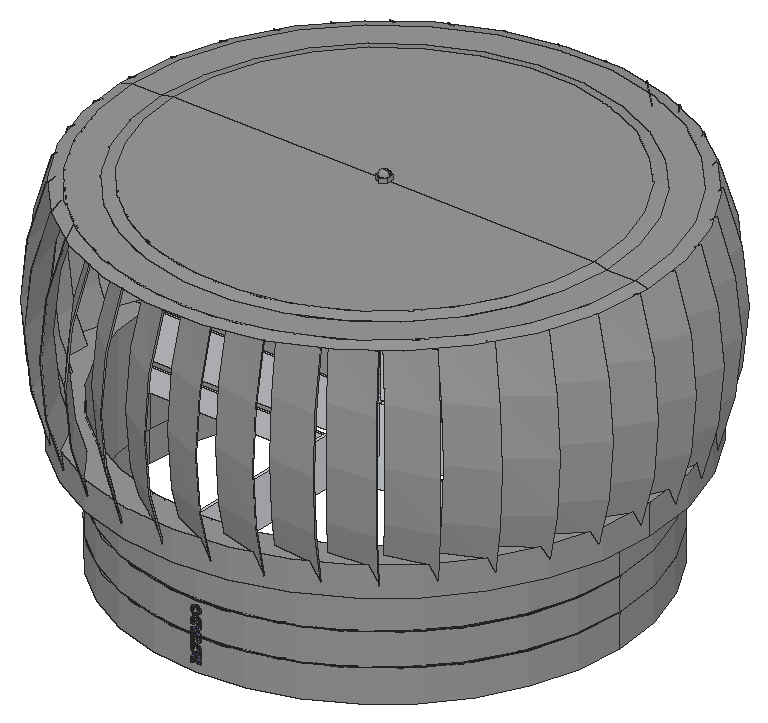
Revit family "ROTADO_РотационноДинамическийДефлектор_RDD", category Воздухораспределители, Revit 2019
Family settings
  Размер круглого соединителя = Использовать диаметр
  Тип детали = Нормальный
  На основе рабочей плоскости = Нет
  Всегда вертикально = Да
  При загрузке вырезать с полостями = Нет
  Общий = Нет
  Точка расчета площади = Нет
Parameters (values of type "RDD-800")
  Угол_Ламель [instance] = atan(((Высота_ламель * 0.5) / (D_2 / 2)) / sqrt(1 - ((Высота_ламель * 0.5) / (D_2 / 2)) * ((Высота_ламель * 0.5) / (D_2 / 2))))  # 21.7763°
  Производитель_Контакты_Телефон = "88007002460"  # constant formula
  Производитель_Контакты_Почта = "sale@rotado.ru"  # constant formula
  Описание = "Ротационно-динамический дефлектор — устройство, которое имеет небольшой двигатель и работает как от силы ветра, так и по механическому побуждению."  # constant formula
  Изготовитель = "ROTADO"  # constant formula
  Длина остатка_Ламель [instance] = (Высота_ламель * 0.5) / tan(Угол_Ламель)  # 448.068 mm
  Высота_ламель = H_1 - 25 mm - H_2 - 17 mm  # 358 mm
  Watermark [instance] = "Модели защищены уникальным кодом"
  URL = "https://rotado.ru/"
  H_2 = 190 mm
  H_1 = 590 mm
  D_2 = 965 mm
  D_1 = 802 mm
  ADSK_Этаж [instance] = ""
  ADSK_Расход воздуха [instance] = 0.0 L/s
  ADSK_Размер_Ширина = 965 mm
  ADSK_Размер_Длина = 965 mm
  ADSK_Размер_Диаметр = 800 mm
  ADSK_Размер_Высота = 590 mm
  ADSK_Примечание [instance] = ""
  ADSK_Потеря давления воздуха [instance] = 0.0 Pa
  ADSK_Полная мощность = ADSK_Номинальная мощность / ADSK_Коэффициент мощности  # 35.7895 VA
  ADSK_Позиция [instance] = ""
  ADSK_Обозначение = "RDD-800"
  ADSK_Номинальная мощность = 34 W
  ADSK_Напряжение = 220 V  # constant formula
  ADSK_Наименование краткое [instance] = "Цокольный дефлектор"
  ADSK_Наименование = "Ротационно-динамический дефлектор"  # constant formula
  ADSK_Материал = ROTADO_Сталь_Нержавеющая_Оцинкованная
  ADSK_Масса_Текст = "14"
  ADSK_Масса = 14
  ADSK_Марка = ADSK_Обозначение  # "RDD-800"
  ADSK_Коэффициент мощности = 0.95  # constant formula
  ADSK_Количество фаз = 1  # constant formula
  ADSK_Количество = 1  # constant formula
  ADSK_Классификация нагрузок = Прочее
  ADSK_Завод-изготовитель = "ROTADO"  # constant formula
  ADSK_Единица измерения = "шт."  # constant formula
  ADSK_Группирование [instance] = ""
  ADSK_Версия Revit = "2019"  # constant formula
  ADSK_URL страницы изделия = "https://rotado.ru/catalog/rotatsionno-dinamicheskiy-deflektor-rotado/rotatsionno-dinamicheskiy-deflektor-rotado/"
  ADSK_URL документации изделия = "https://rotado.ru/catalog/rotatsionno-dinamicheskiy-deflektor-rotado/rotatsionno-dinamicheskiy-deflektor-rotado/"
Reference planes
  plane 1 "По центру (Вперед/Назад)": y = 0
  plane 2: z = 0
  plane 3 "По центру (Влево/Вправо)": x = 0
  plane 4: x = -401
  plane 5: x = 401
  plane 6: y = 401
  plane 7: y = -401
  plane 8: z = 55
  plane 9: z = 190
  plane 10: z = 240
  plane 11: x = -400
  plane 12: z = 54
  plane 13: x = -399
  plane 14: z = 56
  plane 15: x = -452.5
  plane 16: z = 207
  plane 17: z = 590
  plane 18: x = -482.5
  plane 19: x = 482.5
  plane 20: y = -482.5
  plane 21: y = 482.5
  plane 22: z = 565
  plane 23: z = 570
  plane 24: z = 575
  plane 25: z = 386
  plane 26: z = 606
  plane 27: x = -448.068
  plane 28: x = -428.068
  plane 29: x = -358.068
  plane 30: x = -378.068
  plane 31: z = 582
  plane 32: x = -10.176
  plane 33: x = 10.176
  plane 34: z = 110
  plane 35: z = 109
  plane 36: z = 111
  plane 37: y = 40
  plane 38: y = -40
  plane 39: x = -461
  plane 40: z = 90
  plane 41: z = 150
  plane 42: x = -451.5
  plane 43: z = 239
  plane 44: x = -400
  plane 45: x = -398
  plane 46: x = 398
  plane 47: y = 398
  plane 48: y = -398
  plane 49: z = 160
  plane 50: z = 110
  plane 51: x = 15
  plane 52: z = 240
  plane 53: x = 5
  plane 54: x = -398
  plane 55: x = 398
Forms (mm)
  Revolve 1, solid, material "ROTADO_Сталь_Нержавеющая_Оцинкованная" <- "ADSK_Материал", detail levels medium+fine
    sketch origin (0, 0, 0) x (1, 0, 0) y (0, 0, 1)
      loop
        line (-400, 0) -> (-400, 55) -> (-401, 54) -> (-401, 0) -> (-400, 0)
      axis (0, 0) -> (0, 55)
    angle from 0 to 360
  Revolve 2, solid, material "ROTADO_Сталь_Нержавеющая_Оцинкованная" <- "ADSK_Материал", detail levels medium+fine
    sketch origin (0, 0, 0) x (1, 0, 0) y (0, 0, 1)
      loop
        line (-399, 240) -> (-452.5, 240) -> (-452.5, 190) -> (-451.5, 190) -> (-451.5, 239) -> (-401, 239) -> (-401, 190) -> (-401, 111) -> (-400, 110) -> (-401, 109) -> (-401, 56) -> (-400, 55) -> (-399, 55) -> (-399, 240)
      axis (0, 55) -> (0, 240)
    angle from 0 to 360
  Revolve 3, solid, material "ROTADO_Сталь_Нержавеющая_Оцинкованная" <- "ADSK_Материал", detail levels medium+fine
    sketch origin (0, 0, 0) x (1, 0, 0) y (0, 0, 1)
      loop
        line (0, 575) -> (-358.068, 575) -> (-378.068, 570) -> (-428.068, 570) -> (-448.068, 565) -> (0, 565) -> (0, 575)
      axis (0, 565) -> (0, 575)
    angle from 0 to 360
  Extrusion 4, solid, material "ROTADO_Сталь_Нержавеющая_Оцинкованная" <- "ADSK_Материал", detail levels medium+fine
    sketch origin (0, 0, 0) x (1, 0, 0) y (0, 1, 0)
      loop
        line (0, -11.75) -> (10.176, -5.875) -> (10.176, 5.875) -> (0, 11.75) -> (-10.176, 5.875) -> (-10.176, -5.875) -> (0, -11.75)
    from 575 to 582
  Revolve 5, solid, material "ROTADO_Сталь_Нержавеющая_Оцинкованная" <- "ADSK_Материал", detail levels medium+fine
    sketch origin (0, 0, 0) x (1, 0, 0) y (0, 0, 1)
      loop
        arc (0, 590) -> (-5.657, 587.657) -> (-8, 582) r 8
        line (-8, 582) -> (0, 582) -> (0, 590)
      axis (0, 582) -> (0, 590)
    angle from 0 to 360
  Extrusion 6, solid, material "ROTADO_Сталь_Нержавеющая_Оцинкованная" <- "ADSK_Материал", detail levels medium+fine
    sketch origin (0, 0, 0) x (1, 0, 0) y (0, 1, 0)
      loop
        line (-461, 40) -> (-461, -40) -> (-401, -40) -> (-401, 40) -> (-461, 40)
    from 90 to 150
  Extrusion 7, solid, detail levels medium+fine
    sketch origin (0, 0, 0) x (1, 0, 0) y (0, 1, 0)
      loop
        line (-398, 0) -> (-398, -2) -> (-2, -2) -> (-2, -398) -> (0, -398) -> (2, -398) -> (2, -2) -> (398, -2) -> (398, 0) -> (398, 2) -> (2, 2) -> (2, 398) -> (0, 398) -> (-2, 398) -> (-2, 2) -> (-398, 2) -> (-398, 0)
    from 160 to 240
  Revolve 8, solid, detail levels medium+fine
    sketch origin (0, 0, 0) x (1, 0, 0) y (0, 0, 1)
      loop
        line (0, 110) -> (15, 110) -> (15, 240) -> (5, 240) -> (5, 572.509) -> (0, 572.509) -> (0, 110)
      axis (0, 572.509) -> (0, 110)
    angle from 0 to 360
  Extrusion 9, solid, detail levels medium+fine
    sketch origin (0, 0, 0) x (1, 0, 0) y (0, 1, 0)
      loop
        line (-398, 2) -> (-398, -2) -> (398, -2) -> (398, 2) -> (-398, 2)
    from 110 to 150
Dimensions and locks
  equal spacing: plane 4, plane 3 "По центру (Влево/Вправо)", plane 5
  "D_1": plane 4 to plane 5
  equal spacing: plane 6, plane 1 "По центру (Вперед/Назад)", plane 7
  "D_1": plane 6 to plane 7
  "H_2": plane 9 to plane 2
  locked: plane 8 to plane 2 at 55
  locked: plane 10 to plane 9 at 50
  locked: plane 8 to plane 12 at 1
  locked: plane 11 to plane 4 at 1
  locked: plane 14 to plane 8 at 1
  locked: plane 16 to plane 9 at 17
  "H_1": plane 17 to plane 2
  equal spacing: plane 20, plane 1 "По центру (Вперед/Назад)", plane 21
  equal spacing: plane 18, plane 3 "По центру (Влево/Вправо)", plane 19
  "D_2": plane 18 to plane 19
  "D_2": plane 21 to plane 20
  locked: plane 17 to plane 22 at 25
  equal spacing: plane 22, plane 25, plane 16
  plane 26 to plane 25 = 220 mm
  "Длина остатка_Ламель": plane 3 "По центру (Влево/Вправо)" to plane 27
  locked: plane 28 to plane 27 at 20
  locked: plane 30 to plane 28 at 50
  locked: plane 29 to plane 30 at 20
  locked: plane 15 to plane 18 at 30
  locked: plane 23 to plane 22 at 5
  locked: plane 24 to plane 23 at 5
  locked: plane 31 to plane 24 at 7
  plane 32 to plane 3 "По центру (Влево/Вправо)" to plane 33 = 10.176 mm locked, 10.176 mm locked
  Extrusion 4 sketch curve to plane 1 "По центру (Вперед/Назад)" to Extrusion 4 sketch curve = 11.75 mm locked, 11.75 mm locked
  plane 34 to plane 8 = 55 mm
  locked: plane 36 to plane 34 at 1
  locked: plane 34 to plane 35 at 1
  plane 37 to plane 38 = 80 mm
  equal spacing: plane 37, plane 1 "По центру (Вперед/Назад)", plane 38
  locked: plane 39 to plane 4 at 60
  locked: plane 34 to plane 40 at 20
  plane 41 to plane 34 = 40 mm
  plane 42 to plane 15 = 1 mm
  locked: plane 10 to plane 43 at 1
  locked: plane 13 to plane 4 at 2
  locked: plane 13 to plane 44 at 1
  locked: plane 46 to plane 5 at 3
  locked: plane 4 to plane 45 at 3
  locked: plane 6 to plane 47 at 3
  locked: plane 48 to plane 7 at 3
  locked: plane 10 to plane 49 at 80
  Extrusion 7 sketch curve to plane 3 "По центру (Влево/Вправо)" to Extrusion 7 sketch curve = 2 mm, 2 mm  (x2)
  Extrusion 7 sketch curve to plane 1 "По центру (Вперед/Назад)" to Extrusion 7 sketch curve = 2 mm, 2 mm  (x2)
  plane 52 to plane 50 = 130 mm
  locked: plane 53 to plane 3 "По центру (Влево/Вправо)" at 5
  locked: plane 51 to plane 3 "По центру (Влево/Вправо)" at 15
  locked: plane 4 to plane 54 at 3
  locked: plane 55 to plane 5 at 3
  locked: Extrusion 4 sketch curve to Extrusion 4 sketch curve (angle 120.00°)  (x5)
  aligned and locked: level to plane 2
  aligned and locked: plane 3 "По центру (Влево/Вправо)" to Revolve 1 sketch curve
  aligned and locked: plane 4 to Revolve 1 sketch curve  (x2)
  aligned and locked: plane 12 to Revolve 1 sketch curve
  aligned and locked: Revolve 2 sketch curve to plane 15
  aligned and locked: Revolve 2 sketch curve to plane 9
  aligned and locked: Revolve 2 sketch curve to plane 4
  aligned and locked: plane 14 to Revolve 2 sketch curve
  aligned and locked: plane 4 to Revolve 2 sketch curve  (x4)
  aligned and locked: plane 3 "По центру (Влево/Вправо)" to Revolve 2 sketch curve
  aligned and locked: plane 3 "По центру (Влево/Вправо)" to nested 1
  aligned and locked: plane 1 "По центру (Вперед/Назад)" to nested 1
  aligned and locked: nested 1 to plane 25
  aligned and locked: plane 3 "По центру (Влево/Вправо)" to Revolve 3 sketch curve
  aligned and locked: Revolve 3 sketch curve to plane 22
  aligned and locked: nested 1 to Revolve 3 sketch curve
  aligned and locked: plane 24 to Revolve 3 sketch curve  (x2)
  aligned and locked: plane 27 to Revolve 3 sketch curve
  aligned and locked: plane 28 to Revolve 3 sketch curve
  aligned and locked: plane 29 to Revolve 3 sketch curve
  aligned and locked: plane 23 to Revolve 3 sketch curve  (x2)
  aligned and locked: plane 30 to Revolve 3 sketch curve
  aligned and locked: Extrusion 4 to plane 24
  aligned and locked: plane 31 to Extrusion 4
  aligned and locked: plane 3 "По центру (Влево/Вправо)" to Revolve 5 sketch curve
  aligned and locked: plane 31 to Revolve 5 sketch curve  (x2)
  aligned and locked: Revolve 5 sketch curve to plane 3 "По центру (Влево/Вправо)"
  aligned and locked: plane 17 to Revolve 5 sketch curve
  aligned and locked: plane 33 to Extrusion 4 sketch curve
  aligned and locked: Extrusion 4 sketch curve to plane 32
  aligned and locked: plane 34 to Revolve 2 sketch curve
  aligned and locked: plane 36 to Revolve 2 sketch curve
  aligned and locked: plane 35 to Revolve 2 sketch curve
  aligned and locked: Extrusion 6 sketch curve to plane 37
  aligned and locked: plane 39 to Extrusion 6 sketch curve
  aligned and locked: plane 38 to Extrusion 6 sketch curve
  aligned and locked: Extrusion 6 sketch curve to plane 4
  aligned and locked: plane 41 to Extrusion 6
  aligned and locked: Extrusion 6 to plane 40
  aligned and locked: plane 8 to Revolve 1 sketch curve
  aligned and locked: plane 2 to Revolve 1 sketch curve
  aligned and locked: plane 11 to Revolve 1 sketch curve
  aligned and locked: plane 42 to Revolve 2 sketch curve  (x2)
  aligned and locked: Revolve 2 sketch curve to plane 43
  aligned and locked: plane 10 to Revolve 2 sketch curve
  aligned and locked: plane 13 to Revolve 2 sketch curve
  aligned and locked: plane 8 to Revolve 2 sketch curve
  aligned and locked: plane 44 to Revolve 2 sketch curve
  aligned and locked: Revolve 2 sketch curve to plane 8
  aligned and locked: Extrusion 7 sketch curve to plane 45
  aligned and locked: plane 46 to Extrusion 7 sketch curve
  aligned and locked: Extrusion 7 sketch curve to plane 47
  aligned and locked: plane 48 to Extrusion 7 sketch curve
  aligned and locked: Extrusion 7 to plane 10
  aligned and locked: plane 49 to Extrusion 7
  aligned and locked: plane 34 to plane 50
  aligned and locked: Revolve 8 sketch curve to plane 50
  aligned and locked: Revolve 8 sketch curve to nested 1
  aligned and locked: Revolve 8 sketch curve to plane 51
  aligned and locked: Revolve 8 sketch curve to plane 52
  aligned and locked: Revolve 8 sketch curve to plane 53
  aligned and locked: Revolve 8 sketch curve to plane 3 "По центру (Влево/Вправо)"
  aligned and locked: plane 52 to plane 10
  aligned and locked: Extrusion 9 sketch curve to plane 55
  aligned and locked: Extrusion 9 to Extrusion 6
  aligned and locked: Extrusion 9 to plane 34
  aligned and locked: nested 2 to plane 8
Automatic sketch dimensions
  plane 23 to Revolve 3 sketch curve = 5 mm
  plane 17 to Revolve 3 sketch curve = 35 mm
  Extrusion 4 sketch curve to plane 3 "По центру (Влево/Вправо)" = 0 mm  (x2)
  Revolve 1 sketch curve to level = 235 mm
  Revolve 1 sketch curve to plane 25 = 21 mm
  Revolve 2 sketch curve to plane 9 = 0 mm
  Revolve 2 sketch curve to level = 95 mm
  Revolve 2 sketch curve to plane 25 = 21 mm
  Revolve 5 sketch curve to plane 24 = 1.297 mm
  Revolve 5 sketch curve to Revolve 5 sketch curve = 8.703 mm
  Extrusion 7 sketch curve to plane 3 "По центру (Влево/Вправо)" = 0 mm  (x2)
  plane 1 "По центру (Вперед/Назад)" to Extrusion 7 sketch curve = 0 mm  (x2)
  Revolve 8 sketch curve to plane 24 = 2.491 mm
  Revolve 8 sketch curve to level = 366.045 mm
  plane 17 to Revolve 8 sketch curve = 1724.315 mm
  Extrusion 9 sketch curve to plane 54 = 0 mm
  plane 1 "По центру (Вперед/Назад)" to Extrusion 9 sketch curve = 2 mm
  Extrusion 9 sketch curve to plane 1 "По центру (Вперед/Назад)" = 2 mm
Nested families
  nested 1: "ROTADO_NOSHD_Ламель_Массив" at (0, 0, 386), Диаметр_Ламель <- "D_2", Высота_Ламель <- "Высота_ламель", Материал_Ламель <- "ADSK_Материал", type "ROTADO_NOSHD_Ламель_Массив", detail levels medium+fine
    with Ширина_Ламель 60 mm, Шаг_Ламель 10 mm, Материал_Ламель ROTADO_Сталь_Нержавеющая_Оцинкованная, Количество_Ламель 72, Диаметр_Ламель 965 mm, Высота_Ламель 358 mm
  nested 2: "RORADO_Logo_MIN" at (0, -400.997, -62.186) x (0, 0, 1) z (0, -1, 0), type "RORADO_Logo_MIN", detail levels medium+fine
Connectors
  hvac at (0, 0, 0), driven by "ADSK_Размер_Диаметр", driven by "ADSK_Потеря давления воздуха", driven by "ADSK_Расход воздуха"
    settings: on Revolve 1, index 1, duct flow 0.0 L/s, flow factor 0, pres drop 0.0 Pa, loss coef 0, conn angle 0.00°, conn width 304.8 mm, conn height 304.8 mm, conn diameter 800 mm, duct sys type 3, conn prof type 0, flow config 0, flow direction 1, loss method 4, conn ref index -1, conn util no, is conn primary yes, conn desc ""
  electrical at (0, 0, 0), driven by "ADSK_Количество фаз", driven by "ADSK_Классификация нагрузок", driven by "ADSK_Напряжение", driven by "ADSK_Полная мощность", driven by "ADSK_Коэффициент мощности"
    settings: index 2, voltage 220 V, apparent load 0 VA, apparent load phase1 35.7895 VA, apparent load phase2 0 VA, apparent load phase3 0 VA, power factor 0.95, load classification "Прочее", number of poles 1, system type 31, power factor state 1, is connector primary yes, connector utility no, sub classification motor no, connector description ""
Definition of nested family "ROTADO_NOSHD_Ламель_Массив"
  Parameters (values of type "ROTADO_NOSHD_Ламель_Массив")
    Ширина_Ламель [instance] = 60 mm  # constant formula
    Шаг_Ламель [instance] = 10 mm  # constant formula
    Description = ""
    Материал_Ламель [instance] = none
    Количество_Ламель [instance] = 72  # constant formula
    Manufacturer = ""
    Диаметр_Ламель [instance] = 440 mm
    Высота_Ламель [instance] = 228 mm
  Reference planes
    plane 1 "По центру (Вперед/Назад)": y = 0
    plane 2: z = 0
    plane 3 "По центру (Влево/Вправо)": x = 0
  Dimensions and locks
    aligned and locked: level to plane 2
  Nested families
    nested 1: "ROTADO_NOSHD_Ламель" at (0, 0, 0) x (0.9578, -0.2873, 0) z (0, 0, 1), Ламель_Высота_H <- "Высота_Ламель", Ламель_ВнешняяГраница_D1 <- "Диаметр_Ламель", Материал_Ламель <- "Материал_Ламель", type "ROTADO_NOSHD_Ламель"
      with Материал_Ламель none, Ламель_Ширина 70 mm, Ламель_Высота_НижеОси_h2 114 mm, Ламель_Высота_ВышеОси_h1 114 mm, Ламель_Высота_H 228 mm, Ламель_ВнутренняяГраница_d1 370 mm, Ламель_ВнешняяГраница_D1 440 mm, d2 368 mm, D2 438 mm
    nested 2: "ROTADO_NOSHD_Ламель" at (0, 0, 0) x (0.9932, -0.1167, 0) z (0, 0, 1), Ламель_Высота_H <- "Высота_Ламель", Ламель_ВнешняяГраница_D1 <- "Диаметр_Ламель", Материал_Ламель <- "Материал_Ламель", type "ROTADO_NOSHD_Ламель"
      with Материал_Ламель none, Ламель_Ширина 70 mm, Ламель_Высота_НижеОси_h2 114 mm, Ламель_Высота_ВышеОси_h1 114 mm, Ламель_Высота_H 228 mm, Ламель_ВнутренняяГраница_d1 370 mm, Ламель_ВнешняяГраница_D1 440 mm, d2 368 mm, D2 438 mm
    nested 3: "ROTADO_NOSHD_Ламель" at (0, 0, 0) x (0.9983, 0.0576, 0) z (0, 0, 1), Ламель_Высота_H <- "Высота_Ламель", Ламель_ВнешняяГраница_D1 <- "Диаметр_Ламель", Материал_Ламель <- "Материал_Ламель", type "ROTADO_NOSHD_Ламель"
      with Материал_Ламель none, Ламель_Ширина 70 mm, Ламель_Высота_НижеОси_h2 114 mm, Ламель_Высота_ВышеОси_h1 114 mm, Ламель_Высота_H 228 mm, Ламель_ВнутренняяГраница_d1 370 mm, Ламель_ВнешняяГраница_D1 440 mm, d2 368 mm, D2 438 mm
    nested 4: "ROTADO_NOSHD_Ламель" at (0, 0, 0) x (0.9732, 0.2301, 0) z (0, 0, 1), Ламель_Высота_H <- "Высота_Ламель", Ламель_ВнешняяГраница_D1 <- "Диаметр_Ламель", Материал_Ламель <- "Материал_Ламель", type "ROTADO_NOSHD_Ламель"
      with Материал_Ламель none, Ламель_Ширина 70 mm, Ламель_Высота_НижеОси_h2 114 mm, Ламель_Высота_ВышеОси_h1 114 mm, Ламель_Высота_H 228 mm, Ламель_ВнутренняяГраница_d1 370 mm, Ламель_ВнешняяГраница_D1 440 mm, d2 368 mm, D2 438 mm
    nested 5: "ROTADO_NOSHD_Ламель" at (0, 0, 0) x (0.9184, 0.3956, 0) z (0, 0, 1), Ламель_Высота_H <- "Высота_Ламель", Ламель_ВнешняяГраница_D1 <- "Диаметр_Ламель", Материал_Ламель <- "Материал_Ламель", type "ROTADO_NOSHD_Ламель"
      with Материал_Ламель none, Ламель_Ширина 70 mm, Ламель_Высота_НижеОси_h2 114 mm, Ламель_Высота_ВышеОси_h1 114 mm, Ламель_Высота_H 228 mm, Ламель_ВнутренняяГраница_d1 370 mm, Ламель_ВнешняяГраница_D1 440 mm, d2 368 mm, D2 438 mm
    nested 6: "ROTADO_NOSHD_Ламель" at (0, 0, 0) x (0.8358, 0.549, 0) z (0, 0, 1), Ламель_Высота_H <- "Высота_Ламель", Ламель_ВнешняяГраница_D1 <- "Диаметр_Ламель", Материал_Ламель <- "Материал_Ламель", type "ROTADO_NOSHD_Ламель"
      with Материал_Ламель none, Ламель_Ширина 70 mm, Ламель_Высота_НижеОси_h2 114 mm, Ламель_Высота_ВышеОси_h1 114 mm, Ламель_Высота_H 228 mm, Ламель_ВнутренняяГраница_d1 370 mm, Ламель_ВнешняяГраница_D1 440 mm, d2 368 mm, D2 438 mm
    nested 7: "ROTADO_NOSHD_Ламель" at (0, 0, 0) x (0.7278, 0.6858, 0) z (0, 0, 1), Ламель_Высота_H <- "Высота_Ламель", Ламель_ВнешняяГраница_D1 <- "Диаметр_Ламель", Материал_Ламель <- "Материал_Ламель", type "ROTADO_NOSHD_Ламель"
      with Материал_Ламель none, Ламель_Ширина 70 mm, Ламель_Высота_НижеОси_h2 114 mm, Ламель_Высота_ВышеОси_h1 114 mm, Ламель_Высота_H 228 mm, Ламель_ВнутренняяГраница_d1 370 mm, Ламель_ВнешняяГраница_D1 440 mm, d2 368 mm, D2 438 mm
    nested 8: "ROTADO_NOSHD_Ламель" at (0, 0, 0) x (0.5976, 0.8018, 0) z (0, 0, 1), Ламель_Высота_H <- "Высота_Ламель", Ламель_ВнешняяГраница_D1 <- "Диаметр_Ламель", Материал_Ламель <- "Материал_Ламель", type "ROTADO_NOSHD_Ламель"
      with Материал_Ламель none, Ламель_Ширина 70 mm, Ламель_Высота_НижеОси_h2 114 mm, Ламель_Высота_ВышеОси_h1 114 mm, Ламель_Высота_H 228 mm, Ламель_ВнутренняяГраница_d1 370 mm, Ламель_ВнешняяГраница_D1 440 mm, d2 368 mm, D2 438 mm
    nested 9: "ROTADO_NOSHD_Ламель" at (0, 0, 0) x (0.4493, 0.8934, 0) z (0, 0, 1), Ламель_Высота_H <- "Высота_Ламель", Ламель_ВнешняяГраница_D1 <- "Диаметр_Ламель", Материал_Ламель <- "Материал_Ламель", type "ROTADO_NOSHD_Ламель"
      with Материал_Ламель none, Ламель_Ширина 70 mm, Ламель_Высота_НижеОси_h2 114 mm, Ламель_Высота_ВышеОси_h1 114 mm, Ламель_Высота_H 228 mm, Ламель_ВнутренняяГраница_d1 370 mm, Ламель_ВнешняяГраница_D1 440 mm, d2 368 mm, D2 438 mm
    nested 10: "ROTADO_NOSHD_Ламель" at (0, 0, 0) x (0.2873, 0.9578, 0) z (0, 0, 1), Ламель_Высота_H <- "Высота_Ламель", Ламель_ВнешняяГраница_D1 <- "Диаметр_Ламель", Материал_Ламель <- "Материал_Ламель", type "ROTADO_NOSHD_Ламель"
      with Материал_Ламель none, Ламель_Ширина 70 mm, Ламель_Высота_НижеОси_h2 114 mm, Ламель_Высота_ВышеОси_h1 114 mm, Ламель_Высота_H 228 mm, Ламель_ВнутренняяГраница_d1 370 mm, Ламель_ВнешняяГраница_D1 440 mm, d2 368 mm, D2 438 mm
    nested 11: "ROTADO_NOSHD_Ламель" at (0, 0, 0) x (0.1167, 0.9932, 0) z (0, 0, 1), Ламель_Высота_H <- "Высота_Ламель", Ламель_ВнешняяГраница_D1 <- "Диаметр_Ламель", Материал_Ламель <- "Материал_Ламель", type "ROTADO_NOSHD_Ламель"
      with Материал_Ламель none, Ламель_Ширина 70 mm, Ламель_Высота_НижеОси_h2 114 mm, Ламель_Высота_ВышеОси_h1 114 mm, Ламель_Высота_H 228 mm, Ламель_ВнутренняяГраница_d1 370 mm, Ламель_ВнешняяГраница_D1 440 mm, d2 368 mm, D2 438 mm
    nested 12: "ROTADO_NOSHD_Ламель" at (0, 0, 0) x (-0.0576, 0.9983, 0) z (0, 0, 1), Ламель_Высота_H <- "Высота_Ламель", Ламель_ВнешняяГраница_D1 <- "Диаметр_Ламель", Материал_Ламель <- "Материал_Ламель", type "ROTADO_NOSHD_Ламель"
      with Материал_Ламель none, Ламель_Ширина 70 mm, Ламель_Высота_НижеОси_h2 114 mm, Ламель_Высота_ВышеОси_h1 114 mm, Ламель_Высота_H 228 mm, Ламель_ВнутренняяГраница_d1 370 mm, Ламель_ВнешняяГраница_D1 440 mm, d2 368 mm, D2 438 mm
    nested 13: "ROTADO_NOSHD_Ламель" at (0, 0, 0) x (-0.2301, 0.9732, 0) z (0, 0, 1), Ламель_Высота_H <- "Высота_Ламель", Ламель_ВнешняяГраница_D1 <- "Диаметр_Ламель", Материал_Ламель <- "Материал_Ламель", type "ROTADO_NOSHD_Ламель"
      with Материал_Ламель none, Ламель_Ширина 70 mm, Ламель_Высота_НижеОси_h2 114 mm, Ламель_Высота_ВышеОси_h1 114 mm, Ламель_Высота_H 228 mm, Ламель_ВнутренняяГраница_d1 370 mm, Ламель_ВнешняяГраница_D1 440 mm, d2 368 mm, D2 438 mm
    nested 14: "ROTADO_NOSHD_Ламель" at (0, 0, 0) x (-0.3956, 0.9184, 0) z (0, 0, 1), Ламель_Высота_H <- "Высота_Ламель", Ламель_ВнешняяГраница_D1 <- "Диаметр_Ламель", Материал_Ламель <- "Материал_Ламель", type "ROTADO_NOSHD_Ламель"
      with Материал_Ламель none, Ламель_Ширина 70 mm, Ламель_Высота_НижеОси_h2 114 mm, Ламель_Высота_ВышеОси_h1 114 mm, Ламель_Высота_H 228 mm, Ламель_ВнутренняяГраница_d1 370 mm, Ламель_ВнешняяГраница_D1 440 mm, d2 368 mm, D2 438 mm
    nested 15: "ROTADO_NOSHD_Ламель" at (0, 0, 0) x (-0.549, 0.8358, 0) z (0, 0, 1), Ламель_Высота_H <- "Высота_Ламель", Ламель_ВнешняяГраница_D1 <- "Диаметр_Ламель", Материал_Ламель <- "Материал_Ламель", type "ROTADO_NOSHD_Ламель"
      with Материал_Ламель none, Ламель_Ширина 70 mm, Ламель_Высота_НижеОси_h2 114 mm, Ламель_Высота_ВышеОси_h1 114 mm, Ламель_Высота_H 228 mm, Ламель_ВнутренняяГраница_d1 370 mm, Ламель_ВнешняяГраница_D1 440 mm, d2 368 mm, D2 438 mm
    nested 16: "ROTADO_NOSHD_Ламель" at (0, 0, 0) x (-0.6858, 0.7278, 0) z (0, 0, 1), Ламель_Высота_H <- "Высота_Ламель", Ламель_ВнешняяГраница_D1 <- "Диаметр_Ламель", Материал_Ламель <- "Материал_Ламель", type "ROTADO_NOSHD_Ламель"
      with Материал_Ламель none, Ламель_Ширина 70 mm, Ламель_Высота_НижеОси_h2 114 mm, Ламель_Высота_ВышеОси_h1 114 mm, Ламель_Высота_H 228 mm, Ламель_ВнутренняяГраница_d1 370 mm, Ламель_ВнешняяГраница_D1 440 mm, d2 368 mm, D2 438 mm
    nested 17: "ROTADO_NOSHD_Ламель" at (0, 0, 0) x (-0.8018, 0.5976, 0) z (0, 0, 1), Ламель_Высота_H <- "Высота_Ламель", Ламель_ВнешняяГраница_D1 <- "Диаметр_Ламель", Материал_Ламель <- "Материал_Ламель", type "ROTADO_NOSHD_Ламель"
      with Материал_Ламель none, Ламель_Ширина 70 mm, Ламель_Высота_НижеОси_h2 114 mm, Ламель_Высота_ВышеОси_h1 114 mm, Ламель_Высота_H 228 mm, Ламель_ВнутренняяГраница_d1 370 mm, Ламель_ВнешняяГраница_D1 440 mm, d2 368 mm, D2 438 mm
    nested 18: "ROTADO_NOSHD_Ламель" at (0, 0, 0) x (-0.8934, 0.4493, 0) z (0, 0, 1), Ламель_Высота_H <- "Высота_Ламель", Ламель_ВнешняяГраница_D1 <- "Диаметр_Ламель", Материал_Ламель <- "Материал_Ламель", type "ROTADO_NOSHD_Ламель"
      with Материал_Ламель none, Ламель_Ширина 70 mm, Ламель_Высота_НижеОси_h2 114 mm, Ламель_Высота_ВышеОси_h1 114 mm, Ламель_Высота_H 228 mm, Ламель_ВнутренняяГраница_d1 370 mm, Ламель_ВнешняяГраница_D1 440 mm, d2 368 mm, D2 438 mm
    nested 19: "ROTADO_NOSHD_Ламель" at (0, 0, 0) x (-0.9578, 0.2873, 0) z (0, 0, 1), Ламель_Высота_H <- "Высота_Ламель", Ламель_ВнешняяГраница_D1 <- "Диаметр_Ламель", Материал_Ламель <- "Материал_Ламель", type "ROTADO_NOSHD_Ламель"
      with Материал_Ламель none, Ламель_Ширина 70 mm, Ламель_Высота_НижеОси_h2 114 mm, Ламель_Высота_ВышеОси_h1 114 mm, Ламель_Высота_H 228 mm, Ламель_ВнутренняяГраница_d1 370 mm, Ламель_ВнешняяГраница_D1 440 mm, d2 368 mm, D2 438 mm
    nested 20: "ROTADO_NOSHD_Ламель" at (0, 0, 0) x (-0.9932, 0.1167, 0) z (0, 0, 1), Ламель_Высота_H <- "Высота_Ламель", Ламель_ВнешняяГраница_D1 <- "Диаметр_Ламель", Материал_Ламель <- "Материал_Ламель", type "ROTADO_NOSHD_Ламель"
      with Материал_Ламель none, Ламель_Ширина 70 mm, Ламель_Высота_НижеОси_h2 114 mm, Ламель_Высота_ВышеОси_h1 114 mm, Ламель_Высота_H 228 mm, Ламель_ВнутренняяГраница_d1 370 mm, Ламель_ВнешняяГраница_D1 440 mm, d2 368 mm, D2 438 mm
    nested 21: "ROTADO_NOSHD_Ламель" at (0, 0, 0) x (-0.9983, -0.0576, 0) z (0, 0, 1), Ламель_Высота_H <- "Высота_Ламель", Ламель_ВнешняяГраница_D1 <- "Диаметр_Ламель", Материал_Ламель <- "Материал_Ламель", type "ROTADO_NOSHD_Ламель"
      with Материал_Ламель none, Ламель_Ширина 70 mm, Ламель_Высота_НижеОси_h2 114 mm, Ламель_Высота_ВышеОси_h1 114 mm, Ламель_Высота_H 228 mm, Ламель_ВнутренняяГраница_d1 370 mm, Ламель_ВнешняяГраница_D1 440 mm, d2 368 mm, D2 438 mm
    nested 22: "ROTADO_NOSHD_Ламель" at (0, 0, 0) x (-0.9732, -0.2301, 0) z (0, 0, 1), Ламель_Высота_H <- "Высота_Ламель", Ламель_ВнешняяГраница_D1 <- "Диаметр_Ламель", Материал_Ламель <- "Материал_Ламель", type "ROTADO_NOSHD_Ламель"
      with Материал_Ламель none, Ламель_Ширина 70 mm, Ламель_Высота_НижеОси_h2 114 mm, Ламель_Высота_ВышеОси_h1 114 mm, Ламель_Высота_H 228 mm, Ламель_ВнутренняяГраница_d1 370 mm, Ламель_ВнешняяГраница_D1 440 mm, d2 368 mm, D2 438 mm
    nested 23: "ROTADO_NOSHD_Ламель" at (0, 0, 0) x (-0.9184, -0.3956, 0) z (0, 0, 1), Ламель_Высота_H <- "Высота_Ламель", Ламель_ВнешняяГраница_D1 <- "Диаметр_Ламель", Материал_Ламель <- "Материал_Ламель", type "ROTADO_NOSHD_Ламель"
      with Материал_Ламель none, Ламель_Ширина 70 mm, Ламель_Высота_НижеОси_h2 114 mm, Ламель_Высота_ВышеОси_h1 114 mm, Ламель_Высота_H 228 mm, Ламель_ВнутренняяГраница_d1 370 mm, Ламель_ВнешняяГраница_D1 440 mm, d2 368 mm, D2 438 mm
    nested 24: "ROTADO_NOSHD_Ламель" at (0, 0, 0) x (-0.8358, -0.549, 0) z (0, 0, 1), Ламель_Высота_H <- "Высота_Ламель", Ламель_ВнешняяГраница_D1 <- "Диаметр_Ламель", Материал_Ламель <- "Материал_Ламель", type "ROTADO_NOSHD_Ламель"
      with Материал_Ламель none, Ламель_Ширина 70 mm, Ламель_Высота_НижеОси_h2 114 mm, Ламель_Высота_ВышеОси_h1 114 mm, Ламель_Высота_H 228 mm, Ламель_ВнутренняяГраница_d1 370 mm, Ламель_ВнешняяГраница_D1 440 mm, d2 368 mm, D2 438 mm
    nested 25: "ROTADO_NOSHD_Ламель" at (0, 0, 0) x (-0.7278, -0.6858, 0) z (0, 0, 1), Ламель_Высота_H <- "Высота_Ламель", Ламель_ВнешняяГраница_D1 <- "Диаметр_Ламель", Материал_Ламель <- "Материал_Ламель", type "ROTADO_NOSHD_Ламель"
      with Материал_Ламель none, Ламель_Ширина 70 mm, Ламель_Высота_НижеОси_h2 114 mm, Ламель_Высота_ВышеОси_h1 114 mm, Ламель_Высота_H 228 mm, Ламель_ВнутренняяГраница_d1 370 mm, Ламель_ВнешняяГраница_D1 440 mm, d2 368 mm, D2 438 mm
    nested 26: "ROTADO_NOSHD_Ламель" at (0, 0, 0) x (-0.5976, -0.8018, 0) z (0, 0, 1), Ламель_Высота_H <- "Высота_Ламель", Ламель_ВнешняяГраница_D1 <- "Диаметр_Ламель", Материал_Ламель <- "Материал_Ламель", type "ROTADO_NOSHD_Ламель"
      with Материал_Ламель none, Ламель_Ширина 70 mm, Ламель_Высота_НижеОси_h2 114 mm, Ламель_Высота_ВышеОси_h1 114 mm, Ламель_Высота_H 228 mm, Ламель_ВнутренняяГраница_d1 370 mm, Ламель_ВнешняяГраница_D1 440 mm, d2 368 mm, D2 438 mm
    nested 27: "ROTADO_NOSHD_Ламель" at (0, 0, 0) x (-0.4493, -0.8934, 0) z (0, 0, 1), Ламель_Высота_H <- "Высота_Ламель", Ламель_ВнешняяГраница_D1 <- "Диаметр_Ламель", Материал_Ламель <- "Материал_Ламель", type "ROTADO_NOSHD_Ламель"
      with Материал_Ламель none, Ламель_Ширина 70 mm, Ламель_Высота_НижеОси_h2 114 mm, Ламель_Высота_ВышеОси_h1 114 mm, Ламель_Высота_H 228 mm, Ламель_ВнутренняяГраница_d1 370 mm, Ламель_ВнешняяГраница_D1 440 mm, d2 368 mm, D2 438 mm
    nested 28: "ROTADO_NOSHD_Ламель" at (0, 0, 0) x (-0.2873, -0.9578, 0) z (0, 0, 1), Ламель_Высота_H <- "Высота_Ламель", Ламель_ВнешняяГраница_D1 <- "Диаметр_Ламель", Материал_Ламель <- "Материал_Ламель", type "ROTADO_NOSHD_Ламель"
      with Материал_Ламель none, Ламель_Ширина 70 mm, Ламель_Высота_НижеОси_h2 114 mm, Ламель_Высота_ВышеОси_h1 114 mm, Ламель_Высота_H 228 mm, Ламель_ВнутренняяГраница_d1 370 mm, Ламель_ВнешняяГраница_D1 440 mm, d2 368 mm, D2 438 mm
    nested 29: "ROTADO_NOSHD_Ламель" at (0, 0, 0) x (-0.1167, -0.9932, 0) z (0, 0, 1), Ламель_Высота_H <- "Высота_Ламель", Ламель_ВнешняяГраница_D1 <- "Диаметр_Ламель", Материал_Ламель <- "Материал_Ламель", type "ROTADO_NOSHD_Ламель"
      with Материал_Ламель none, Ламель_Ширина 70 mm, Ламель_Высота_НижеОси_h2 114 mm, Ламель_Высота_ВышеОси_h1 114 mm, Ламель_Высота_H 228 mm, Ламель_ВнутренняяГраница_d1 370 mm, Ламель_ВнешняяГраница_D1 440 mm, d2 368 mm, D2 438 mm
    nested 30: "ROTADO_NOSHD_Ламель" at (0, 0, 0) x (0.0576, -0.9983, 0) z (0, 0, 1), Ламель_Высота_H <- "Высота_Ламель", Ламель_ВнешняяГраница_D1 <- "Диаметр_Ламель", Материал_Ламель <- "Материал_Ламель", type "ROTADO_NOSHD_Ламель"
      with Материал_Ламель none, Ламель_Ширина 70 mm, Ламель_Высота_НижеОси_h2 114 mm, Ламель_Высота_ВышеОси_h1 114 mm, Ламель_Высота_H 228 mm, Ламель_ВнутренняяГраница_d1 370 mm, Ламель_ВнешняяГраница_D1 440 mm, d2 368 mm, D2 438 mm
    nested 31: "ROTADO_NOSHD_Ламель" at (0, 0, 0) x (0.2301, -0.9732, 0) z (0, 0, 1), Ламель_Высота_H <- "Высота_Ламель", Ламель_ВнешняяГраница_D1 <- "Диаметр_Ламель", Материал_Ламель <- "Материал_Ламель", type "ROTADO_NOSHD_Ламель"
      with Материал_Ламель none, Ламель_Ширина 70 mm, Ламель_Высота_НижеОси_h2 114 mm, Ламель_Высота_ВышеОси_h1 114 mm, Ламель_Высота_H 228 mm, Ламель_ВнутренняяГраница_d1 370 mm, Ламель_ВнешняяГраница_D1 440 mm, d2 368 mm, D2 438 mm
    nested 32: "ROTADO_NOSHD_Ламель" at (0, 0, 0) x (0.3956, -0.9184, 0) z (0, 0, 1), Ламель_Высота_H <- "Высота_Ламель", Ламель_ВнешняяГраница_D1 <- "Диаметр_Ламель", Материал_Ламель <- "Материал_Ламель", type "ROTADO_NOSHD_Ламель"
      with Материал_Ламель none, Ламель_Ширина 70 mm, Ламель_Высота_НижеОси_h2 114 mm, Ламель_Высота_ВышеОси_h1 114 mm, Ламель_Высота_H 228 mm, Ламель_ВнутренняяГраница_d1 370 mm, Ламель_ВнешняяГраница_D1 440 mm, d2 368 mm, D2 438 mm
    nested 33: "ROTADO_NOSHD_Ламель" at (0, 0, 0) x (0.549, -0.8358, 0) z (0, 0, 1), Ламель_Высота_H <- "Высота_Ламель", Ламель_ВнешняяГраница_D1 <- "Диаметр_Ламель", Материал_Ламель <- "Материал_Ламель", type "ROTADO_NOSHD_Ламель"
      with Материал_Ламель none, Ламель_Ширина 70 mm, Ламель_Высота_НижеОси_h2 114 mm, Ламель_Высота_ВышеОси_h1 114 mm, Ламель_Высота_H 228 mm, Ламель_ВнутренняяГраница_d1 370 mm, Ламель_ВнешняяГраница_D1 440 mm, d2 368 mm, D2 438 mm
    nested 34: "ROTADO_NOSHD_Ламель" at (0, 0, 0) x (0.6858, -0.7278, 0) z (0, 0, 1), Ламель_Высота_H <- "Высота_Ламель", Ламель_ВнешняяГраница_D1 <- "Диаметр_Ламель", Материал_Ламель <- "Материал_Ламель", type "ROTADO_NOSHD_Ламель"
      with Материал_Ламель none, Ламель_Ширина 70 mm, Ламель_Высота_НижеОси_h2 114 mm, Ламель_Высота_ВышеОси_h1 114 mm, Ламель_Высота_H 228 mm, Ламель_ВнутренняяГраница_d1 370 mm, Ламель_ВнешняяГраница_D1 440 mm, d2 368 mm, D2 438 mm
    nested 35: "ROTADO_NOSHD_Ламель" at (0, 0, 0) x (0.8018, -0.5976, 0) z (0, 0, 1), Ламель_Высота_H <- "Высота_Ламель", Ламель_ВнешняяГраница_D1 <- "Диаметр_Ламель", Материал_Ламель <- "Материал_Ламель", type "ROTADO_NOSHD_Ламель"
      with Материал_Ламель none, Ламель_Ширина 70 mm, Ламель_Высота_НижеОси_h2 114 mm, Ламель_Высота_ВышеОси_h1 114 mm, Ламель_Высота_H 228 mm, Ламель_ВнутренняяГраница_d1 370 mm, Ламель_ВнешняяГраница_D1 440 mm, d2 368 mm, D2 438 mm
    nested 36: "ROTADO_NOSHD_Ламель" at (0, 0, 0) x (0.8934, -0.4493, 0) z (0, 0, 1), Ламель_Высота_H <- "Высота_Ламель", Ламель_ВнешняяГраница_D1 <- "Диаметр_Ламель", Материал_Ламель <- "Материал_Ламель", type "ROTADO_NOSHD_Ламель"
      with Материал_Ламель none, Ламель_Ширина 70 mm, Ламель_Высота_НижеОси_h2 114 mm, Ламель_Высота_ВышеОси_h1 114 mm, Ламель_Высота_H 228 mm, Ламель_ВнутренняяГраница_d1 370 mm, Ламель_ВнешняяГраница_D1 440 mm, d2 368 mm, D2 438 mm
  Definition of nested family "ROTADO_NOSHD_Ламель"
    Parameters (values of type "ROTADO_NOSHD_Ламель")
      Материал_Ламель [instance] = none
      Ламель_Толщина = 2 mm  # constant formula
      Ламель_Ширина [instance] = 70 mm  # constant formula
      Ламель_Коэффициент = 1.2
      Ламель_Высота_НижеОси_h2 [instance] = Ламель_Высота_H * 0.5  # 182.5 mm
      Ламель_Высота_ВышеОси_h1 [instance] = Ламель_Высота_H * 0.5  # 182.5 mm
      d2 [instance] = Ламель_ВнутренняяГраница_d1 - Ламель_Толщина  # 728 mm
      Ламель_ВнутренняяГраница_d1 [instance] = Ламель_ВнешняяГраница_D1 - Ламель_Ширина  # 730 mm
      Ламель_Высота_H [instance] = 365 mm
      D2 [instance] = Ламель_ВнешняяГраница_D1 - Ламель_Толщина  # 798 mm
      Ламель_ВнешняяГраница_D1 [instance] = 800 mm
    Reference planes
      plane 1 "По центру (Вперед/Назад)": y = 0
      plane 2: z = 0
      plane 3 "По центру (Влево/Вправо)": x = 0
      plane 4 "Назад": y = 35
      plane 5 "Спереди": y = -35
      plane 6: z = -182.5
      plane 7: z = 182.5
    Forms (mm)
      Blend 1, solid, material <- "Материал_Ламель"
        base sketch origin (-62.461, 35, -32.5) x (1, 0, 0) y (0, 0, 1)
          loop
            arc (417.278, 215) -> (461.461, 32.5) -> (417.278, -150) r 399
            line (417.278, -150) -> (418.402, -150)
            arc (418.402, -150) -> (462.461, 32.5) -> (418.402, 215) r 400
            line (418.402, 215) -> (417.278, 215)
        top sketch origin (-62.461, 35, -32.5) x (1, 0, 0) y (0, 0, 1)
          loop
            arc (377.405, 215) -> (426.461, 32.5) -> (377.405, -150) r 364
            line (377.405, -150) -> (378.56, -150)
            arc (378.56, -150) -> (427.461, 32.5) -> (378.56, 215) r 365
            line (378.56, 215) -> (377.405, 215)
        from 0 to 70
    Lines and regions (mm)
      reference lines
        curve 1: circle (0, 0, 0) r 400 normal (0, -1, 0)
        curve 2: circle (0, 0, 0) r 399 normal (0, -1, 0)
        curve 3: circle (0, 0, 0) r 365 normal (0, -1, 0)
        curve 4: circle (0, 0, 0) r 364 normal (0, -1, 0)
    Dimensions and locks
      equal spacing: plane 5 "Спереди", plane 1 "По центру (Вперед/Назад)", plane 4 "Назад"
      "Ламель_Ширина": plane 5 "Спереди" to plane 4 "Назад"
      "Ламель_Высота_НижеОси_h2": plane 2 to plane 6
      "Ламель_Высота_ВышеОси_h1": plane 7 to plane 2
      "Ламель_ВнешняяГраница_D1": diameter of curve 1
      "D2": diameter of curve 2
      "Ламель_ВнутренняяГраница_d1": diameter of curve 3
      "d2": diameter of curve 4
      aligned and locked: level to plane 2
      aligned and locked: plane 3 "По центру (Влево/Вправо)" to curve 1
      aligned and locked: plane 2 to curve 1
      aligned and locked: plane 3 "По центру (Влево/Вправо)" to curve 2
      aligned and locked: plane 2 to curve 2
      aligned and locked: plane 3 "По центру (Влево/Вправо)" to curve 3
      aligned and locked: plane 2 to curve 3
      aligned and locked: plane 3 "По центру (Влево/Вправо)" to curve 4
      aligned and locked: plane 2 to curve 4
      aligned and locked: plane 6 to Blend 1 sketch curve  (x2)
      aligned and locked: Blend 1 to plane 4 "Назад"
      aligned and locked: plane 5 "Спереди" to Blend 1
      aligned and locked: plane 6 to Blend 1
      aligned and locked: Blend 1 sketch curve to curve 2
      aligned and locked: Blend 1 sketch curve to curve 1
      aligned and locked: Blend 1 sketch curve to curve 3
      aligned and locked: Blend 1 sketch curve to curve 4
      aligned and locked: plane 7 to Blend 1 sketch curve
      aligned and locked: Blend 1 sketch curve to var sketch
Definition of nested family "RORADO_Logo_MIN"
  Parameters (values of type "RORADO_Logo_MIN")
    Толщина текста = 5 mm
    Default Elevation = 1219.2 mm
    Description = ""
    Manufacturer = "ROTADO"  # constant formula
    h2 = -Толщина текста  # -5 mm
    h1 = 0 mm  # constant formula
    URL = "https://rotado.ru/"
  Reference planes
    plane 1 "По центру (Вперед/Назад)": y = 0
    plane 2: z = 0
    plane 3 "По центру (Влево/Вправо)": x = 120
    plane 4: z = -5
  Forms (mm)
    Extrusion 1, solid
      sketch origin (0, -7.835, 0) x (1, 0, 0) y (0, 1, 0)
        loop
          line (75.321, 12.899) -> (75.321, 0) -> (80.337, 0) -> (80.337, 3.499) -> (83.071, 0) -> (84.156, 0) -> (84.156, 1.261) -> (80.054, 6.705) -> (78.795, 6.705) -> (78.795, 1.528) -> (76.857, 1.528) -> (76.857, 12.899) -> (75.321, 12.899)
        loop
          line (78.673, 9.377) -> (78.673, 7.835) -> (81.123, 7.835)
          arc (81.123, 7.835) -> (83.728, 10.44) -> (81.123, 13.045) r 2.605
          line (81.123, 13.045) -> (78.673, 13.045) -> (78.673, 11.478) -> (81.024, 11.478)
          arc (81.024, 11.478) -> (82.074, 10.427) -> (81.024, 9.377) r 1.05
          line (81.024, 9.377) -> (78.673, 9.377)
        loop
          line (75.203, 15.885) -> (75.203, 14.334) -> (82.064, 14.334)
          arc (82.064, 14.334) -> (85.611, 10.938) -> (82.372, 7.246) r 3.55
          line (82.372, 7.246) -> (82.372, 6.2) -> (87.044, 0) -> (97.665, 0)
          arc (97.665, 0) -> (103.101, 2.252) -> (105.352, 7.687) r 7.687
          line (105.352, 7.687) -> (105.352, 9.009)
          arc (105.352, 9.009) -> (104.589, 9.772) -> (103.825, 9.009) r 0.764
          line (103.825, 9.009) -> (103.825, 7.721)
          arc (103.825, 7.721) -> (102.026, 3.377) -> (97.681, 1.577) r 6.144
          line (97.681, 1.577) -> (87.925, 1.577) -> (84.515, 6.102)
          spline (84.515, 6.102) -> (85.724, 7.18) -> (86.505, 8.353) -> (86.939, 9.535) -> (87.104, 10.636) -> (87.074, 11.581) -> (86.889, 12.382) -> (86.567, 13.092) -> (86.13, 13.763) -> (85.592, 14.447) -> (84.873, 15.109) -> (83.789, 15.629) -> (82.155, 15.885)
          line (82.155, 15.885) -> (75.203, 15.885)
        loop
          arc (91.856, 7.912) -> (100.539, 4.425) -> (96.864, 13.03) r 5.064
          arc (96.864, 13.03) -> (96.108, 12.293) -> (96.852, 11.542) r 0.744
          arc (96.852, 11.542) -> (99.477, 5.467) -> (93.344, 7.913) r 3.576
          arc (93.344, 7.913) -> (92.6, 8.691) -> (91.856, 7.912) r 0.745
        loop
          arc (91.766, 4.112) -> (91.218, 10.805) -> (96.934, 14.315) r 6.409
          line (96.934, 14.315) -> (126.688, 14.315) -> (131, 2.782) -> (135.813, 2.782) -> (135.813, 14.332) -> (139.905, 14.332)
          arc (139.905, 14.332) -> (142.348, 13.846) -> (144.42, 12.462) r 6.386
          line (144.42, 12.462) -> (145.686, 11.196)
          arc (145.686, 11.196) -> (146.819, 11.196) -> (146.819, 12.329) r 0.801
          line (146.819, 12.329) -> (145.789, 13.359)
          arc (145.789, 13.359) -> (142.987, 15.231) -> (139.683, 15.888) r 8.635
          line (139.683, 15.888) -> (134.258, 15.888) -> (134.258, 4.395) -> (132.105, 4.395) -> (127.822, 15.85) -> (96.678, 15.85)
          arc (96.678, 15.85) -> (89.635, 11.495) -> (90.383, 3.247) r 7.874
          arc (90.383, 3.247) -> (91.53, 2.951) -> (91.766, 4.112) r 0.817
        loop
          arc (104.141, 12.757) -> (103.378, 11.994) -> (104.141, 11.231) r 0.763
          line (104.141, 11.231) -> (109.226, 11.231) -> (109.226, 0.701) -> (109.718, 0) -> (111.628, 0) -> (113.638, 0) -> (114.129, 0.701) -> (114.129, 11.231) -> (119.315, 11.231)
          arc (119.315, 11.231) -> (120.078, 11.994) -> (119.315, 12.757) r 0.763
          line (119.315, 12.757) -> (112.554, 12.757) -> (112.554, 1.547) -> (111.728, 1.547) -> (110.902, 1.547) -> (110.902, 12.757) -> (104.141, 12.757)
        loop
          line (117.186, 0) -> (121.928, 0) -> (123.177, 2.806) -> (127.272, 2.806) -> (128.406, 0) -> (140.972, 0)
          spline (140.972, 0) -> (143.742, 0.702) -> (145.652, 2.021) -> (146.976, 3.642) -> (147.971, 5.274) -> (148.783, 6.836) -> (149.496, 8.356) -> (150.198, 9.858) -> (150.979, 11.319) -> (151.942, 12.599) -> (153.188, 13.544) -> (154.742, 14.058) -> (156.4, 14.208)
          line (156.4, 14.208) -> (158.27, 14.208)
          arc (158.27, 14.208) -> (159.039, 14.977) -> (158.27, 15.746) r 0.769
          line (158.27, 15.746) -> (156.043, 15.746)
          spline (156.043, 15.746) -> (154.373, 15.601) -> (152.781, 15.123) -> (151.431, 14.272) -> (150.32, 13.116) -> (149.387, 11.764) -> (148.57, 10.315) -> (147.8, 8.794) -> (147.003, 7.191) -> (146.103, 5.498) -> (144.95, 3.799) -> (143.232, 2.378) -> (140.615, 1.538)
          line (140.615, 1.538) -> (129.573, 1.499) -> (128.49, 4.395) -> (122.061, 4.395) -> (120.978, 1.572) -> (119.051, 1.572) -> (123.02, 11.912)
          arc (123.02, 11.912) -> (122.56, 12.947) -> (121.525, 12.486) r 0.801
          line (121.525, 12.486) -> (117.186, 1.183) -> (117.186, 0)
        loop
          arc (123.658, 7.244) -> (122.901, 6.487) -> (123.658, 5.73) r 0.757
          line (123.658, 5.73) -> (128.17, 5.73) -> (126.179, 11.054)
          arc (126.179, 11.054) -> (125.108, 11.507) -> (124.714, 10.412) r 0.801
          line (124.714, 10.412) -> (125.898, 7.244) -> (123.658, 7.244)
        loop
          arc (151.542, 7.908) -> (160.22, 4.42) -> (156.569, 13.03) r 5.064
          arc (156.569, 13.03) -> (155.825, 12.286) -> (156.569, 11.542) r 0.744
          arc (156.569, 11.542) -> (159.166, 5.47) -> (153.03, 7.924) r 3.576
          arc (153.03, 7.924) -> (152.278, 8.675) -> (151.542, 7.908) r 0.744
        loop
          arc (151.048, 2.157) -> (161.819, 1.926) -> (163.08, 12.625) r 8.011
          line (163.08, 12.625) -> (162.465, 13.486)
          arc (162.465, 13.486) -> (161.447, 13.656) -> (161.277, 12.638) r 0.73
          line (161.277, 12.638) -> (161.981, 11.651)
          arc (161.981, 11.651) -> (160.304, 2.584) -> (151.218, 4.155) r 6.559
          line (151.218, 4.155) -> (150.709, 4.762)
          arc (150.709, 4.762) -> (149.689, 4.852) -> (149.599, 3.832) r 0.724
          line (149.599, 3.832) -> (151.048, 2.157)
        loop
          line (137.421, 9.407) -> (137.421, 3.497) -> (137.922, 2.782) -> (139.777, 2.782)
          arc (139.777, 2.782) -> (144.855, 7.861) -> (139.777, 12.939) r 5.078
          line (139.777, 12.939) -> (138.109, 12.939)
          arc (138.109, 12.939) -> (137.307, 12.137) -> (138.109, 11.335) r 0.802
          line (138.109, 11.335) -> (139.876, 11.335)
          arc (139.876, 11.335) -> (143.334, 8.157) -> (140.457, 4.444) r 3.47
          line (140.457, 4.444) -> (139.106, 4.395) -> (139.106, 9.407)
          arc (139.106, 9.407) -> (138.264, 10.25) -> (137.421, 9.407) r 0.842
      from 0 <- "h1" to -5 <- "h2"
  Dimensions and locks
    "Толщина текста": plane 2 to plane 4
    aligned and locked: level to plane 2
  Automatic sketch dimensions
    Extrusion 1 sketch curve to Extrusion 1 sketch curve = 0 mm  (x7)
    plane 1 "По центру (Вперед/Назад)" to Extrusion 1 sketch curve = 7.835 mm  (x6)
    Extrusion 1 sketch curve to plane 1 "По центру (Вперед/Назад)" = 8.05 mm
    Extrusion 1 sketch curve to plane 3 "По центру (Влево/Вправо)" = 44.797 mm
    Extrusion 1 sketch curve to Extrusion 1 sketch curve = 0.118 mm
    Extrusion 1 sketch curve to Extrusion 1 sketch curve = 1.536 mm
    Extrusion 1 sketch curve to Extrusion 1 sketch curve = 1.816 mm
    Extrusion 1 sketch curve to Extrusion 1 sketch curve = 1.938 mm
    plane 1 "По центру (Вперед/Назад)" to Extrusion 1 sketch curve = 1.13 mm
    Extrusion 1 sketch curve to Extrusion 1 sketch curve = 1.258 mm
    Extrusion 1 sketch curve to Extrusion 1 sketch curve = 1.542 mm  (x2)
    Extrusion 1 sketch curve to Extrusion 1 sketch curve = 2.352 mm
    Extrusion 1 sketch curve to Extrusion 1 sketch curve = 0.099 mm  (x2)
    Extrusion 1 sketch curve to Extrusion 1 sketch curve = 0.94 mm
    Extrusion 1 sketch curve to Extrusion 1 sketch curve = 0.092 mm
    Extrusion 1 sketch curve to Extrusion 1 sketch curve = 1.249 mm
    Extrusion 1 sketch curve to Extrusion 1 sketch curve = 2.734 mm
    Extrusion 1 sketch curve to Extrusion 1 sketch curve = 1.085 mm
    plane 1 "По центру (Вперед/Назад)" to Extrusion 1 sketch curve = 1.732 mm
    Extrusion 1 sketch curve to Extrusion 1 sketch curve = 2.143 mm
    Extrusion 1 sketch curve to Extrusion 1 sketch curve = 2.888 mm
    plane 1 "По центру (Вперед/Назад)" to Extrusion 1 sketch curve = 6.258 mm
    Extrusion 1 sketch curve to Extrusion 1 sketch curve = 0.882 mm
    Extrusion 1 sketch curve to Extrusion 1 sketch curve = 3.172 mm
    Extrusion 1 sketch curve to Extrusion 1 sketch curve = 1.503 mm
    Extrusion 1 sketch curve to Extrusion 1 sketch curve = 4.078 mm
    Extrusion 1 sketch curve to Extrusion 1 sketch curve = 0.173 mm
    Extrusion 1 sketch curve to Extrusion 1 sketch curve = 0.241 mm
    Extrusion 1 sketch curve to Extrusion 1 sketch curve = 0.255 mm
    Extrusion 1 sketch curve to Extrusion 1 sketch curve = 0.732 mm
    Extrusion 1 sketch curve to Extrusion 1 sketch curve = 0.016 mm
    Extrusion 1 sketch curve to Extrusion 1 sketch curve = 6.144 mm
    Extrusion 1 sketch curve to Extrusion 1 sketch curve = 0.315 mm
    Extrusion 1 sketch curve to Extrusion 1 sketch curve = 0.764 mm
    Extrusion 1 sketch curve to Extrusion 1 sketch curve = 3.874 mm
    Extrusion 1 sketch curve to Extrusion 1 sketch curve = 0.491 mm
    Extrusion 1 sketch curve to Extrusion 1 sketch curve = 1.675 mm
    Extrusion 1 sketch curve to Extrusion 1 sketch curve = 0.826 mm  (x2)
    Extrusion 1 sketch curve to Extrusion 1 sketch curve = 0.1 mm
    Extrusion 1 sketch curve to Extrusion 1 sketch curve = 1.084 mm
    Extrusion 1 sketch curve to Extrusion 1 sketch curve = 1.575 mm
    plane 1 "По центру (Вперед/Назад)" to Extrusion 1 sketch curve = 6.651 mm
    Extrusion 1 sketch curve to plane 3 "По центру (Влево/Вправо)" = 2.814 mm
    Extrusion 1 sketch curve to plane 3 "По центру (Влево/Вправо)" = 0.949 mm
    Extrusion 1 sketch curve to plane 3 "По центру (Влево/Вправо)" = 0.685 mm
    plane 3 "По центру (Влево/Вправо)" to Extrusion 1 sketch curve = 0.978 mm
    plane 3 "По центру (Влево/Вправо)" to Extrusion 1 sketch curve = 1.525 mm
    Extrusion 1 sketch curve to Extrusion 1 sketch curve = 0.95 mm
    plane 3 "По центру (Влево/Вправо)" to Extrusion 1 sketch curve = 2.061 mm
    Extrusion 1 sketch curve to Extrusion 1 sketch curve = 0.748 mm  (x2)
    Extrusion 1 sketch curve to Extrusion 1 sketch curve = 1.116 mm
    Extrusion 1 sketch curve to Extrusion 1 sketch curve = 1.597 mm
    Extrusion 1 sketch curve to Extrusion 1 sketch curve = 1.693 mm
    Extrusion 1 sketch curve to Extrusion 1 sketch curve = 0.715 mm  (x2)
    Extrusion 1 sketch curve to Extrusion 1 sketch curve = 2.24 mm
    Extrusion 1 sketch curve to Extrusion 1 sketch curve = 0.75 mm
    Extrusion 1 sketch curve to Extrusion 1 sketch curve = 0.509 mm  (x2)
    plane 1 "По центру (Вперед/Назад)" to Extrusion 1 sketch curve = 5.029 mm
    Extrusion 1 sketch curve to Extrusion 1 sketch curve = 4.095 mm
    Extrusion 1 sketch curve to Extrusion 1 sketch curve = 1.134 mm  (x2)
    Extrusion 1 sketch curve to Extrusion 1 sketch curve = 2.271 mm
    Extrusion 1 sketch curve to Extrusion 1 sketch curve = 0.32 mm
    plane 1 "По центру (Вперед/Назад)" to Extrusion 1 sketch curve = 6.336 mm
    Extrusion 1 sketch curve to Extrusion 1 sketch curve = 1.167 mm
    Extrusion 1 sketch curve to Extrusion 1 sketch curve = 1.427 mm
    Extrusion 1 sketch curve to Extrusion 1 sketch curve = 1.105 mm
    Extrusion 1 sketch curve to Extrusion 1 sketch curve = 2.153 mm
    Extrusion 1 sketch curve to Extrusion 1 sketch curve = 1.555 mm
    Extrusion 1 sketch curve to Extrusion 1 sketch curve = 1.609 mm
    plane 1 "По центру (Вперед/Назад)" to Extrusion 1 sketch curve = 5.052 mm
    Extrusion 1 sketch curve to Extrusion 1 sketch curve = 0.501 mm
    Extrusion 1 sketch curve to Extrusion 1 sketch curve = 2.296 mm
    Extrusion 1 sketch curve to Extrusion 1 sketch curve = 0.842 mm
    Extrusion 1 sketch curve to Extrusion 1 sketch curve = 0.576 mm
    Extrusion 1 sketch curve to Extrusion 1 sketch curve = 1.668 mm
    Extrusion 1 sketch curve to Extrusion 1 sketch curve = 0.029 mm
    plane 1 "По центру (Вперед/Назад)" to Extrusion 1 sketch curve = 3.391 mm
    Extrusion 1 sketch curve to Extrusion 1 sketch curve = 1.351 mm
    plane 1 "По центру (Вперед/Назад)" to Extrusion 1 sketch curve = 6.297 mm
    Extrusion 1 sketch curve to Extrusion 1 sketch curve = 0.839 mm
    Extrusion 1 sketch curve to Extrusion 1 sketch curve = 0.357 mm  (x2)
    Extrusion 1 sketch curve to plane 1 "По центру (Вперед/Назад)" = 4.627 mm
    Extrusion 1 sketch curve to Extrusion 1 sketch curve = 4.643 mm
    Extrusion 1 sketch curve to plane 1 "По центру (Вперед/Назад)" = 3.361 mm
    Extrusion 1 sketch curve to Extrusion 1 sketch curve = 1.266 mm
    Extrusion 1 sketch curve to plane 1 "По центру (Вперед/Назад)" = 5.524 mm
    Extrusion 1 sketch curve to Extrusion 1 sketch curve = 1.369 mm
    Extrusion 1 sketch curve to Extrusion 1 sketch curve = 0.566 mm  (x2)
    Extrusion 1 sketch curve to plane 1 "По центру (Вперед/Назад)" = 4.494 mm
    plane 1 "По центру (Вперед/Назад)" to Extrusion 1 sketch curve = 4.003 mm
    Extrusion 1 sketch curve to Extrusion 1 sketch curve = 3.913 mm
    Extrusion 1 sketch curve to Extrusion 1 sketch curve = 0.555 mm  (x2)
    plane 1 "По центру (Вперед/Назад)" to Extrusion 1 sketch curve = 3.072 mm
    plane 1 "По центру (Вперед/Назад)" to Extrusion 1 sketch curve = 5.678 mm
    Extrusion 1 sketch curve to Extrusion 1 sketch curve = 1.449 mm
    plane 1 "По центру (Вперед/Назад)" to Extrusion 1 sketch curve = 3.679 mm
    Extrusion 1 sketch curve to Extrusion 1 sketch curve = 1.577 mm
    Extrusion 1 sketch curve to Extrusion 1 sketch curve = 3.757 mm
    Extrusion 1 sketch curve to Extrusion 1 sketch curve = 4.27 mm
    Extrusion 1 sketch curve to Extrusion 1 sketch curve = 0.005 mm
    Extrusion 1 sketch curve to Extrusion 1 sketch curve = 0.169 mm
    Extrusion 1 sketch curve to Extrusion 1 sketch curve = 0.045 mm
    Extrusion 1 sketch curve to Extrusion 1 sketch curve = 1.87 mm
    Extrusion 1 sketch curve to plane 1 "По центру (Вперед/Назад)" = 4.803 mm
    Extrusion 1 sketch curve to Extrusion 1 sketch curve = 3.008 mm
    Extrusion 1 sketch curve to Extrusion 1 sketch curve = 0.594 mm  (x2)
    Extrusion 1 sketch curve to plane 1 "По центру (Вперед/Назад)" = 3.816 mm
    Extrusion 1 sketch curve to Extrusion 1 sketch curve = 0.704 mm
    Extrusion 1 sketch curve to plane 1 "По центру (Вперед/Назад)" = 5.651 mm
    Extrusion 1 sketch curve to plane 1 "По центру (Вперед/Назад)" = 4.791 mm
    Extrusion 1 sketch curve to Extrusion 1 sketch curve = 0.615 mm
    plane 1 "По центру (Вперед/Назад)" to Extrusion 1 sketch curve = 7.133 mm  (x2)
    plane 1 "По центру (Вперед/Назад)" to Extrusion 1 sketch curve = 6.574 mm
    plane 1 "По центру (Вперед/Назад)" to Extrusion 1 sketch curve = 6.307 mm
    plane 1 "По центру (Вперед/Назад)" to Extrusion 1 sketch curve = 6.288 mm
    plane 1 "По центру (Вперед/Назад)" to Extrusion 1 sketch curve = 6.262 mm
    Extrusion 1 sketch curve to Extrusion 1 sketch curve = 1.971 mm
    plane 1 "По центру (Вперед/Назад)" to Extrusion 1 sketch curve = 4.191 mm
    Extrusion 1 sketch curve to Extrusion 1 sketch curve = 1.612 mm
    Extrusion 1 sketch curve to Extrusion 1 sketch curve = 1.589 mm
    Extrusion 1 sketch curve to Extrusion 1 sketch curve = 0.049 mm
    Extrusion 1 sketch curve to Extrusion 1 sketch curve = 1.336 mm
    Extrusion 1 sketch curve to Extrusion 1 sketch curve = 0.097 mm
    Extrusion 1 sketch curve to Extrusion 1 sketch curve = 0.757 mm
    Extrusion 1 sketch curve to Extrusion 1 sketch curve = 1.047 mm
    Extrusion 1 sketch curve to Extrusion 1 sketch curve = 2.809 mm
    Extrusion 1 sketch curve to Extrusion 1 sketch curve = 1.13 mm
    Extrusion 1 sketch curve to Extrusion 1 sketch curve = 0.608 mm
    Extrusion 1 sketch curve to Extrusion 1 sketch curve = 0.004 mm
    Extrusion 1 sketch curve to Extrusion 1 sketch curve = 0.219 mm
    Extrusion 1 sketch curve to Extrusion 1 sketch curve = 3.169 mm
    Extrusion 1 sketch curve to Extrusion 1 sketch curve = 0.082 mm
    Extrusion 1 sketch curve to Extrusion 1 sketch curve = 0.041 mm  (x2)
    Extrusion 1 sketch curve to Extrusion 1 sketch curve = 0.003 mm  (x2)
    Extrusion 1 sketch curve to Extrusion 1 sketch curve = 0.061 mm
    Extrusion 1 sketch curve to Extrusion 1 sketch curve = 0.009 mm
    Extrusion 1 sketch curve to Extrusion 1 sketch curve = 1.288 mm
    Extrusion 1 sketch curve to Extrusion 1 sketch curve = 1.461 mm
    Extrusion 1 sketch curve to Extrusion 1 sketch curve = 3.168 mm
    Extrusion 1 sketch curve to Extrusion 1 sketch curve = 1.05 mm
    Extrusion 1 sketch curve to Extrusion 1 sketch curve = 0.013 mm  (x2)
    Extrusion 1 sketch curve to Extrusion 1 sketch curve = 0.361 mm
    Extrusion 1 sketch curve to Extrusion 1 sketch curve = 0.344 mm
    Extrusion 1 sketch curve to Extrusion 1 sketch curve = 2.222 mm  (x2)
    Extrusion 1 sketch curve to Extrusion 1 sketch curve = 1.5 mm
    Extrusion 1 sketch curve to Extrusion 1 sketch curve = 0.763 mm  (x2)
    Extrusion 1 sketch curve to Extrusion 1 sketch curve = 0.287 mm
    Extrusion 1 sketch curve to Extrusion 1 sketch curve = 4.31 mm
